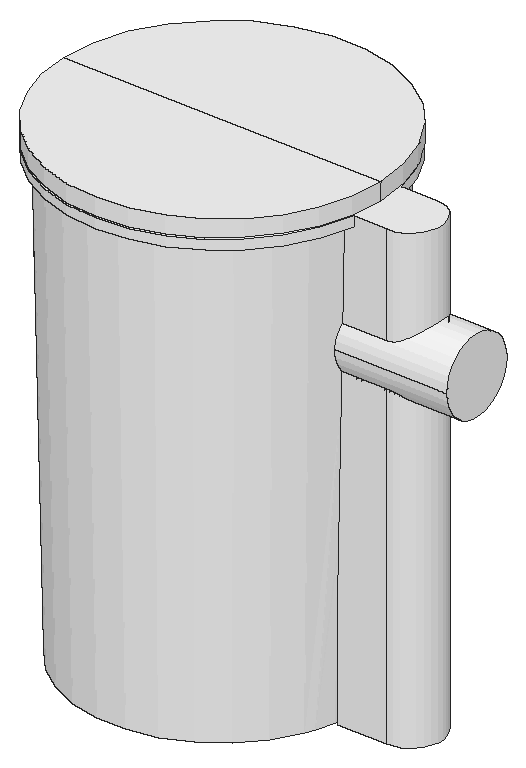
Revit family "Plumbing Fixture-Grease_Interseptor_Mifab_MI-SOLID-S", category Plumbing Fixtures, host Face, Revit 2013
Parameters
  Water Capacity = "2.22 Gallons"
  Waste Connection = no
  WFU = 0
  URL = "www.mifab.com"
  Model = "MI-SOLID-S"
  Manufacturer = "MIFAB"
  Interceptor Material = Paint - Sherwin Williams Paint - #952C2A - Bellwood Red
  Grease Capacity = "23 lbs"
  Flow Rate = "15 GPM"
  Description = "Solids Interceptor"
  Default Elevation = 0"
  Assembly Code = "D2090300"
Reference planes (in)
  plane 1 "Center (Front/Back)": y = 0
  plane 2: z = 0
  plane 3 "Center (Left/Right)": x = 0
  plane 4: x = 4.25
  plane 5: z = -12.875
  plane 6: x = 5.875
  plane 7: x = -4.25
Forms (in)
  Revolve 1, solid, material "Paint - Sherwin Williams Paint - #952C2A - Bellwood Red" <- "Interceptor Material"
    sketch origin (0, 0, 0) x (1, 0, 0) y (0, 0, 1)
      loop
        line (0, -0.5) -> (0, -12.875) -> (3.75, -12.875) -> (4, -0.75) -> (4.25, -0.75) -> (4.25, -0.5) -> (0, -0.5)
      axis (0, -0.5) -> (0, -12.875)
    angle from 0 to 360
  Revolve 2, solid, material "Paint - Sherwin Williams Paint - #952C2A - Bellwood Red" <- "Interceptor Material"
    sketch origin (0, 0, 0) x (1, 0, 0) y (0, 0, 1)
      loop
        line (4.25, 0) -> (0, 0) -> (0, -0.45) -> (4.25, -0.45) -> (4.25, 0)
      axis (0, 0) -> (0, -0.45)
    angle from 0 to 360
  Extrusion 3, solid, material "Paint - Sherwin Williams Paint - #952C2A - Bellwood Red" <- "Interceptor Material"
    sketch origin (-12.35303, -180, -2) x (-1, 0, 0) y (0, -1, 0)
      loop
        arc (-17.41553, -179.1875) -> (-18.22803, -180) -> (-17.41553, -180.8125) r 0.8125
        line (-17.41553, -180.8125) -> (-16.10303, -180.8125) -> (-16.10303, -179.1875) -> (-17.41553, -179.1875)
    from -10.875 to 1.5
  Extrusion 4, solid, material "Paint - Sherwin Williams Paint - #952C2A - Bellwood Red" <- "Interceptor Material"
    sketch origin (0, 0, 0) x (0, 1, 0) y (0, 0, 1)
      loop
        circle (0, -4.25) r 1
    from 0 to -4.25
  Extrusion 5, solid, material "Paint - Sherwin Williams Paint - #952C2A - Bellwood Red" <- "Interceptor Material"
    sketch origin (0, 0, 0) x (0, 1, 0) y (0, 0, 1)
      loop
        circle (0, -3.75) r 1
    from 0 to 6.82732
Cuts and joins
  joined: Revolve 1, Extrusion 3, Extrusion 4
  joined: Revolve 2, Extrusion 5
Lines and regions (in)
  symbolic lines, style "PlumbingFixtures"
    curve 1: circle (0, 0, -2) r 4.25 normal (0, 0, 1)
Dimensions and locks (in)
  plane 4 to plane 3 "Center (Left/Right)" = 4 1/4"
  host face to plane 5 = 12 7/8"
  locked: Revolve 1 sketch curve to Revolve 1 sketch curve at 0.25
  locked: host face to Revolve 1 sketch curve at 0.5
  Revolve 2 sketch curve to Revolve 1 = 0.05"
  equal spacing: plane 7, plane 3 "Center (Left/Right)", plane 4
  plane 7 to plane 6 = 10 1/8"
  Extrusion 3 sketch curve to plane 4 = 1/2"
  locked: Revolve 1 sketch curve to Revolve 1 sketch curve at 3.75
  plane 4 to Revolve 1 sketch curve = 1/4"
  host face to Extrusion 4 sketch curve = 4 1/4"
  host face to Extrusion 5 sketch curve = 3 3/4"
  diameter of Extrusion 4 sketch curve = 2"
  diameter of Extrusion 5 sketch curve = 2"
  aligned and locked: plane 2 to host face
  aligned and locked: level to host face
  aligned and locked: plane 3 "Center (Left/Right)" to Revolve 1 sketch curve
  aligned and locked: plane 5 to Revolve 1 sketch curve
  aligned and locked: Revolve 1 sketch curve to plane 3 "Center (Left/Right)"
  aligned and locked: host face to Revolve 2 sketch curve
  aligned and locked: plane 4 to Revolve 2 sketch curve
  aligned and locked: Revolve 2 sketch curve to plane 3 "Center (Left/Right)"  (x2)
  aligned and locked: Extrusion 3 to Revolve 1
  aligned and locked: Extrusion 4 to plane 7
Automatic sketch dimensions
  host sketch curve to host sketch curve = 31.87535"
  host sketch curve to host sketch curve = 29.3651"
  Revolve 2 sketch curve to Revolve 2 sketch curve = 2.17743"
  Revolve 2 sketch curve to Revolve 2 sketch curve = 0.87257"
  plane 4 to Extrusion 3 sketch curve = 13/16"
  Extrusion 3 sketch curve to plane 1 "Center (Front/Back)" = 13/16"
  plane 1 "Center (Front/Back)" to Extrusion 3 sketch curve = 0"
  Revolve 1 sketch curve to plane 4 = 0"
  Revolve 1 sketch curve to plane 5 = 1 1/8"
  level to Revolve 1 sketch curve = 3/4"
  Extrusion 4 sketch curve to plane 1 "Center (Front/Back)" = 0"
  Extrusion 5 sketch curve to plane 1 "Center (Front/Back)" = 0"
  plane 1 "Center (Front/Back)" to curve 1 = 0"
  curve 1 to plane 3 "Center (Left/Right)" = 0"
  radius of curve 1 = 4 1/4"
Connectors (in)
  piping at (6.82732, 0, -3.75), driven by "Waste Connection"
    settings: on cut or joined group of Revolve 2, Extrusion 5, index 1, connector radius 1", flow factor 0, pipe flow 0 GPM, pressure drop 0.00 psi, fitting loss kfactor 0, connector angle 0.00°, fixture units 0, engagement length 0", flow configuration 0, flow direction 2, fitting loss method 0, system type 16, joint type 0, gender type 0, connector reference index -1, connector utility 0, adjustable connector no, is connector primary yes, fitting loss table "", connector description "Out"
  piping at (-4.25, 0, -4.25), driven by "Waste Connection"
    settings: on cut or joined group of Revolve 1, Extrusion 3, Extrusion 4, index 2, connector radius 1", flow factor 0, pipe flow 0 GPM, pressure drop 0.00 psi, fitting loss kfactor 0, connector angle 0.00°, fixture units 0, engagement length 0", flow configuration 0, flow direction 1, fitting loss method 0, system type 16, joint type 0, gender type 0, connector reference index -1, connector utility 0, adjustable connector no, is connector primary no, fitting loss table "", connector description "In"
